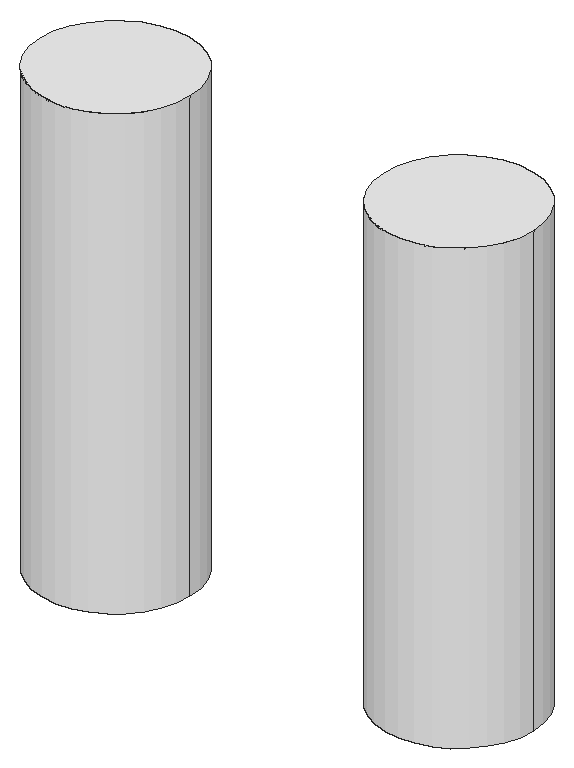
Revit family "51832293(2020)", category Plumbing Fixtures, Revit 2020
Family settings
  Round Connector Dimension = Use Diameter
  Part Type = Normal
  OmniClass Number = 23.45.55.00
  OmniClass Title = Sanitary Faucets, Wastes
  Work Plane-Based = No
  Always vertical = Yes
  Cut with Voids When Loaded = No
  Shared = No
  Room Calculation Point = No
Parameters (values of type "51832293 Washbasin faucet")
  Working Pressure = "50 - 1000 kPa"
  WarrantyStartDate [instance] = "n/a"
  WarrantyGuarantorParts = "n/a"
  WarrantyGuarantorLabor = "n/a"
  WarrantyDurationUnit = "Year"
  WarrantyDurationParts = "n/a"
  WarrantyDurationLabor = "n/a"
  WarrantyDescription = "http://warranty.hansa.com"
  Warranty Information URL = "http://warranty.hansa.com"
  VersionDate = "01/06/2023"
  Version = "1"
  ValvePattern = "n/a"
  ValveOperation = "n/a"
  ValveMechanism = "n/a"
  Uniclass2015Reference = "Pr_40_20_87_96"
  Uniclass2015Description = "Washbasin manual water supply sets"
  Uniclass2 = "Pr_40_30_96_96"
  URL UWL = "http://static.hansa.com/UWL/51832293"
  URL REACH = "http://static.hansa.com/doc/reach"
  URL Materials Declaration = "http://www.hansa.com/fileadmin/resources/182899_51832293_materialsdeclaration.pdf"
  URL Environmental Product Declaration EPD = "http://www.hansa.com/fileadmin/resources/184523_EPD_Washbasin faucet.pdf"
  URL EcoLabel Declaration = "http://static.hansa.com/doc/EcoLabel"
  URL EU Packaging Declaration = "http://static.hansa.com/doc/packaging"
  URL Declaration of SCIP = "http://static.hansa.com/doc/SCIP"
  URL Declaration of Conformity = "http://static.hansa.com/DoC/51832293"
  URL Declaration of Asbestos = "http://static.hansa.com/doc/asbestos"
  URL Declaration Of Performance (DOP) = "http://static.hansa.com/doc/DoP"
  URL DVGW = "http://static.hansa.com/DVGW/51832293"
  URL = ""
  UNSPSC Class Number = "30181700 Faucets or taps"
  TestPressure = "n/a"
  Technical DataSheet URL = "http://www.hansa.com/datasheet/51832293/en"
  TagNumber [instance] = "n/a"
  SustainabilityPerformance = "n/a"
  Surface treatment = "Chrome"
  Spout Type = "Fixed spout"
  Spout Projection = "125 mm"
  Spare-Part Information URL = "http://static.hansa.com/sp/51832293"
  Size = "50x178x198 mm"
  Shape = "Sculptured"
  SerialNumber [instance] = "n/a"
  Sales Package dimensions (LxWxH) = "380 x 180 x 74"
  Revision = "n/a"
  ReplacementCost = "n/a"
  ProductInformation = "Kitchen faucet with high spout."
  Product URL = "http://static.hansa.com/51832293"
  Product Image URL = "http://static.hansa.com/image/51832293"
  Product Family = "HANSADESIGNO Style "
  Product Code = "51832293"
  OperatingMechanismMaterial = "n/a"
  NominalWidth = 50 mm
  NominalHeight = 197.85 mm
  NominalDepth = 177.5 mm
  Noise Class = "I (ISO 3822)"
  Name_en = "51832293 Washbasin faucet"
  Name = "51832293 Washbasin faucet"
  NBSReference = "45-35-70/371"
  NBSDescription = "Water supply fittings for wash basins and troughs"
  Mounting Holes = "1 hole"
  ModelReference = "51832293"
  ModelNumber = "n/a"
  Model = "51832293 Washbasin faucet"
  Mobile Product Information URL = "http://mpi.hansa.com/51832293"
  Mechanical Parts = "ø 25 mm ceramic cartridge for flow and temperature control"
  Max. Hot Water Supply = 70 °C
  Material = "Brass"
  Market = "International;Germany;Austria;Belgium;Netherlands;France;Czech Republic;Slovakia;Italy;Spain"
  ManufacturerURL = "http://www.hansa.com"
  ManufacturerName = "HANSA"
  Manufacturer = "HANSA"
  Lever Handle = "Single operating lever/handle;Hot/Cold symbols"
  Keynote = ""
  Interactive AR View URL = "https://static.hansa.com/AR/51832293"
  InstallationDate [instance] = "n/a"
  Installation and Maintenance Guide URL = "http://static.hansa.com/manual/51832293"
  Installation Type = "Deck mounted"
  InletConnectionSize = 10 mm
  IfcExportType = "FAUCET"  # constant formula
  IfcExportAs = "IfcValveType"  # constant formula
  Group = "Washbasin faucet"
  Grade = "n/a"
  FlowCoefficient = 0
  Flow Rate At 300kPa With Flow Controller = 0.1 L/s
  Flow Drawing URL = "http://static.hansa.com/flowchart/51832293"
  Finish = "Polished"
  Features = "Single-lever"
  FaucetMainMaterial = Brass
  FDV Document URL = "http://www.hansa.com/datasheet/51832293/en/fdv"
  Extensions = "Pop-up waste with draw-rod"
  ExpectedLife = "n/a"
  ETIM Class Number = "EC011328 Washbasin mixing tap"
  EN Standard = "EN 817"
  EAN Number = "4057304015106"
  DurationUnit = "Year"
  Dimension Drawing URL = "http://static.hansa.com/dimdrw/51832293"
  Description = ""
  DefaultElevation [instance] = 900 mm
  Default Elevation = 0 mm
  Constituents = "n/a"
  Connection Size = "G3/8"
  Connection = "Flexible inlet pipes"
  Color = "Chrome"
  CodePerformance = "n/a"
  CloseOffRating = 0
  Category = "Washbasin"
  Catalog Drawing URL = "http://static.hansa.com/catdrw/51832293"
  CO2 Emissions (D) = -7.7
  CO2 Emissions (C4) = 0.08
  CO2 Emissions (C3) = 0.02
  CO2 Emissions (C2) = 0.02
  CO2 Emissions (B7) = 1854
  CO2 Emissions (A4) = 0.3
  CO2 Emissions (A1-A3) = 10.82
  Brand = "HANSA"
  BodyMaterial = "Brass"
  Barcode [instance] = "n/a"
  Backflow Prevention EN1717 = "AA"
  BIMObjectName = "51832293(2020)"
  Author = "BIMStone"
  AssetType = "Fixed"
  AssetIdentifier [instance] = "n/a"
  Approval DVGW = "DW-6506DL0547"
  Ambience photo = "http://static.hansa.com/ambience/51832293"
  Aerator = "PCA® - constant flow rate regardless of pressure variations"
  Advanced Features = "Inner body made of DZR brass"
  AccessibilityPerformance = "n/a"
  3D View = "https://static.hansa.com/AR/51832293"
  2D/3D/BIM Files URL = "http://static.hansa.com/bim/51832293"
Reference planes
  plane 1 "Center (Front/Back)": y = 0
  plane 2: z = 0
  plane 3 "Center (Left/Right)": x = 0
  plane 4: x = -25
  plane 5: z = 900
  plane 6: z = 870
  plane 7: y = -177.5
  plane 8: x = 25
  plane 9: z = 1097.85
Forms (mm)
  Extrusion 1, solid, material "Brass" <- "FaucetMainMaterial"
    sketch origin (0, -16.366, 0) x (1, 0, 0) y (0, 1, 0)
      loop
        circle (-11.5, -22.5) r 5
      loop
        circle (11.5, -22.5) r 5
    from 870 to 900
Dimensions and locks
  "DefaultElevation": plane 5 to level
  locked: plane 5 to plane 6 at 30
  equal spacing: plane 4, plane 3 "Center (Left/Right)", plane 8
  "NominalWidth": plane 4 to plane 8
  "NominalHeight": plane 9 to plane 5
  "NominalDepth": plane 7 to plane 1 "Center (Front/Back)"
  "InletConnectionSize": diameter of Extrusion 1 sketch curve  (x2)
  aligned and locked: level to plane 2
  aligned and locked: plane 5 to Extrusion 1
  aligned and locked: Extrusion 1 to plane 6
  aligned and locked: plane 7 to nested 2
Automatic sketch dimensions
  Extrusion 1 sketch curve to plane 3 "Center (Left/Right)" = 11.5 mm
  plane 3 "Center (Left/Right)" to Extrusion 1 sketch curve = 11.5 mm
  plane 1 "Center (Front/Back)" to Extrusion 1 sketch curve = 38.866 mm  (x2)
Nested families
  nested 1: "Symbol" at (0, 0, 0), type "Symbol", detail levels coarse
  nested 2: "51832293(2020)_p" at (0, 0, 900), Material 1 <- "FaucetMainMaterial", type "51832293(2020)_p"
    with Material 1 Brass
Connectors
  piping at (-11.5, -38.866, 870), diameter 10, driven by "InletConnectionSize"
    settings: on Extrusion 1, index 1, connector inside diameter 609.6 mm, connector length 0 mm, flow factor 0, pipe flow 0.0 L/s, pressure drop 0.0 Pa, fitting loss kfactor 0, connector angle 0.00°, fixture units 0, engagement length 0 mm, angle of deflection 0.00°, flow configuration 1, flow direction 1, fitting loss method 0, system type 19, joint type 0, gender type 0, connector reference index -1, connector utility 0, adjustable connector no, is connector primary yes, connector description ""
  piping at (11.5, -38.866, 870), diameter 10, driven by "InletConnectionSize"
    settings: on Extrusion 1, index 2, connector inside diameter 609.6 mm, connector length 0 mm, flow factor 0, pipe flow 0.0 L/s, pressure drop 0.0 Pa, fitting loss kfactor 0, connector angle 0.00°, fixture units 0, engagement length 0 mm, angle of deflection 0.00°, flow configuration 1, flow direction 1, fitting loss method 0, system type 20, joint type 0, gender type 0, connector reference index -1, connector utility 0, adjustable connector no, is connector primary no, connector description ""
Definition of nested family "Symbol"
  Reference planes
    plane 1: y = 0
    plane 2: x = 0
  Lines and regions (mm)
    detail lines
      curve 1: line (0, 0, 0) -> (0, -1.8, 0)
      curve 2: line (-0.4, -1.1, 0) -> (0.4, -1.1, 0)
      curve 3: line (-0.4, -1.4, 0) -> (0.4, -1.4, 0)
      curve 4: line (0.863, 0, 0) -> (-0.863, 0, 0)
      curve 5: circle (-1.163, 0, 0) r 0.3 normal (0, 0, -1)
      curve 6: circle (1.163, 0, 0) r 0.3 normal (0, 0, 1)
Definition of nested family "51832293(2020)_p"
  Parameters (values of type "51832293(2020)_p")
    Material 1 [instance] = none
    Default Elevation = 0 mm
  Reference planes
    plane 1 "Center (Front/Back)": y = 0
    plane 2: z = 0
    plane 3 "Center (Left/Right)": x = 0
  Forms (mm)
    Revolve 1, solid, material <- "Material 1", detail levels coarse+medium
      sketch origin (0, 0, 0) x (0, 1, 0) y (0, 0, 1)
        loop
          line (-37.5, 5) -> (-37.5, 0) -> (-12.5, 0) -> (-12.5, 5) -> (-17.5, 5) -> (-17.5, 197.85) -> (-37.5, 197.85) -> (-37.5, 5)
        axis (-37.5, 197.85) -> (-37.5, 0)
      angle from 0 to 360
    Extrusion 2, solid, material <- "Material 1", detail levels coarse+medium
      sketch origin (0, 0, 0) x (1, 0, 0) y (0, 0, 1)
        loop
          line (10, 197.85) -> (-10, 197.85) -> (-10, 189.55) -> (10, 189.55) -> (10, 197.85)
      from 50.634 to 122.631
    Extrusion 3, solid, material <- "Material 1", detail levels coarse+medium
      sketch origin (0, 0, 0) x (1, 0, 0) y (0, 0, 1)
        loop
          circle (0, 137.837) r 12.396
      from 45.274 to 177.5
    Revolve 4, solid, material <- "Material 1", detail levels coarse+medium
      sketch origin (0, 0, 0) x (0, 1, 0) y (0, 0, 1)
        loop
          line (-162.406, 123.03) -> (-160.739, 132.485) -> (-170.845, 134.266) -> (-172.512, 124.812) -> (-162.406, 123.03)
        axis (-162.406, 123.03) -> (-160.739, 132.485)
      angle from 0 to 360
    Extrusion 5, solid, material <- "Material 1", detail levels coarse+medium
      sketch origin (0, 0, 0) x (1, 0, 0) y (0, 0, 1)
        loop
          circle (0, 39.562) r 3
      from 0 to 28
    Extrusion 6, solid, material <- "Material 1", detail levels coarse
      sketch origin (0, 0, 0) x (1, 0, 0) y (0, 1, 0)
        loop
          line (-25, 0) -> (-25, -177.5) -> (24.998, -177.5) -> (24.998, 0) -> (-25, 0)
      from 0 to 197.85
  Cuts and joins
    joined: Revolve 1, Extrusion 2, Extrusion 3, Revolve 4, Extrusion 5
  Lines and regions (mm)
    symbolic lines, detail levels medium+fine
      curve 1: line (0, -120.375, 197.85) -> (0, -19.133, 197.85)
      curve 2: arc (0, -19.133, 197.85) -> (0, -17.728, 197.268) -> (0, -17.146, 195.863) r 1.987
      curve 3: line (0, -17.146, 195.863) -> (0, -17.146, 182.68)
      curve 4: line (0, -17.146, 182.68) -> (0, -18.428, 182.68)
      curve 5: line (0, -17.229, 179.843) -> (0, -17.229, 42.561)
      curve 6: line (0, -17.229, 5) -> (0, -12.5, 5)
      curve 7: line (0, -12.5, 5) -> (0, -12.5, 0)
      curve 8: line (0, -12.5, 0) -> (0, -62.5, 0)
      curve 9: line (0, -62.5, 0) -> (0, -62.5, 5)
      curve 10: line (0, -62.5, 5) -> (0, -57.75, 5)
      curve 11: line (0, -57.75, 5) -> (0, -57.75, 119.214)
      curve 12: arc (0, -57.75, 119.214) -> (0, -59.45, 123.317) -> (0, -63.553, 125.017) r 5.803
      curve 13: line (0, -63.553, 125.017) -> (0, -151.658, 125.017)
      curve 14: line (0, -177.499, 128.036) -> (0, -177.499, 147.262)
      curve 15: arc (0, -174.492, 125.017) -> (0, -176.619, 125.905) -> (0, -177.499, 128.036) r 3.019
      curve 16: line (0, -63.75, 150.002) -> (0, -174.462, 150.002)
      curve 17: arc (0, -174.462, 150.002) -> (0, -176.507, 149.216) -> (0, -177.499, 147.262) r 3.053
      curve 18: arc (0, -57.723, 156.029) -> (0, -59.488, 151.767) -> (0, -63.75, 150.002) r 6.027
      curve 19: line (0, -57.723, 156.029) -> (0, -57.723, 179.843)
      curve 20: arc (0, -57.723, 179.843) -> (0, -57.251, 181.302) -> (0, -56.577, 182.68) r 10.788
      curve 21: line (0, -56.577, 182.68) -> (0, -57.417, 182.68)
      curve 22: arc (0, -57.417, 182.68) -> (0, -57.579, 182.747) -> (0, -57.646, 182.908) r 0.229
      curve 23: line (0, -57.646, 182.908) -> (0, -57.646, 185.58)
      curve 24: arc (0, -57.646, 185.58) -> (0, -58.804, 188.376) -> (0, -61.601, 189.534) r 3.955
      curve 25: line (0, -61.601, 189.534) -> (0, -116.601, 189.534)
      curve 26: arc (0, -116.601, 189.534) -> (0, -120.705, 191.234) -> (0, -122.404, 195.338) r 5.804
      curve 27: arc (0, -122.404, 195.338) -> (0, -121.834, 196.953) -> (0, -120.375, 197.85) r 2.569
      curve 30: arc (0, -18.428, 182.68) -> (0, -17.771, 181.285) -> (0, -17.229, 179.843) r 19.061
      curve 33: line (0, -152.509, 121.285) -> (0, -172.304, 124.776)
      curve 34: arc (0, -172.304, 124.776) -> (0, -172.439, 124.861) -> (0, -172.474, 125.017) r 0.209
      curve 35: arc (0, -152.289, 121.44) -> (0, -152.367, 121.317) -> (0, -152.509, 121.285) r 0.19
      curve 36: line (0, -152.289, 121.44) -> (0, -151.658, 125.017)
      curve 38: line (0, -172.474, 125.017) -> (0, -174.492, 125.017)
      curve 39: line (0, 0, 42.561) -> (0, -17.229, 42.561)
      curve 40: line (0, 0, 42.561) -> (0, 0, 36.542)
      curve 41: line (0, 0, 36.542) -> (0, -17.229, 36.542)
      curve 43: line (0, -17.229, 36.542) -> (0, -17.229, 5)
      curve 45: line (-20.25, 0, 5) -> (-25, 0, 5)
      curve 46: line (0, 0, 0) -> (-25, 0, 0)
      curve 47: line (-25, 0, 0) -> (-25, 0, 5)
      curve 48: line (-20.25, 0, 5) -> (-20.25, 0, 179.79)
      curve 49: arc (-20.25, 0, 179.79) -> (-20.192, 0, 179.935) -> (-20.05, 0, 180) r 0.211
      curve 50: line (-20.03, 0, 182.68) -> (-19.074, 0, 182.68)
      curve 51: arc (-19.074, 0, 182.68) -> (-19.633, 0, 181.49) -> (-20.132, 0, 180.274) r 25.817
      curve 52: arc (-20.132, 0, 180.274) -> (-20.137, 0, 180.123) -> (-20.05, 0, 180) r 0.235
      curve 55: arc (-20.232, 0, 182.882) -> (-20.173, 0, 182.739) -> (-20.03, 0, 182.68) r 0.202
      curve 56: line (-20.232, 0, 182.882) -> (-20.232, 0, 195.858)
      curve 57: arc (-20.232, 0, 195.858) -> (-19.645, 0, 197.27) -> (-18.23, 0, 197.85) r 1.992
      curve 58: line (-18.23, 0, 197.85) -> (0, 0, 197.85)
      curve 67: line (20.25, 0, 5) -> (25, 0, 5)
      curve 68: line (0, 0, 0) -> (25, 0, 0)
      curve 69: line (25, 0, 0) -> (25, 0, 5)
      curve 70: line (20.25, 0, 5) -> (20.25, 0, 179.79)
      curve 71: line (20.03, 0, 182.68) -> (19.074, 0, 182.68)
      curve 72: arc (19.074, 0, 182.68) -> (19.633, 0, 181.49) -> (20.132, 0, 180.274) r 25.817
      curve 75: line (20.232, 0, 182.882) -> (20.232, 0, 195.858)
      curve 76: arc (20.232, 0, 195.858) -> (19.645, 0, 197.27) -> (18.23, 0, 197.85) r 1.992
      curve 77: line (18.23, 0, 197.85) -> (0, 0, 197.85)
      curve 84: arc (20.232, 0, 182.882) -> (20.173, 0, 182.739) -> (20.03, 0, 182.68) r 0.202
      curve 85: arc (20.132, 0, 180.274) -> (20.137, 0, 180.123) -> (20.05, 0, 180) r 0.235
      curve 86: arc (20.25, 0, 179.79) -> (20.192, 0, 179.935) -> (20.05, 0, 180) r 0.211
      curve 89: line (-9.5, -177.5, 0) -> (9.5, -177.5, 0)
      curve 90: arc (9.5, -177.5, 0) -> (11.673, -176.6, 0) -> (12.573, -174.427, 0) r 3.073
      curve 91: line (12.573, -174.427, 0) -> (12.573, -59.108, 0)
      curve 92: arc (-9.5, -177.5, 0) -> (-11.673, -176.6, 0) -> (-12.573, -174.427, 0) r 3.073
      curve 93: line (-12.573, -174.427, 0) -> (-12.573, -59.108, 0)
      curve 103: arc (12.573, -59.108, 0) -> (24.486, -32.456, 0) -> (3.01, -12.682, 0) r 25
      curve 105: line (-3.01, -12.682, 0) -> (-3.01, 0, 0)
      curve 106: line (-3.01, 0, 0) -> (0, 0, 0)
      curve 107: line (3.01, -12.682, 0) -> (3.01, 0, 0)
      curve 108: line (3.01, 0, 0) -> (0, 0, 0)
      curve 109: arc (-3.01, -12.682, 0) -> (-24.486, -32.456, 0) -> (-12.573, -59.108, 0) r 25
    symbolic lines, detail levels fine
      curve 28: line (0, -18.428, 182.68) -> (0, -56.577, 182.68)
      curve 29: line (0, -57.723, 179.843) -> (0, -17.229, 179.843)
      curve 31: arc (0, -57.723, 156.029) -> (0, -51.097, 137.505) -> (0, -57.75, 118.991) r 29.148
      curve 32: line (0, -17.229, 5) -> (0, -57.75, 5)
      curve 37: line (0, -151.658, 125.017) -> (0, -172.474, 125.017)
      curve 42: line (0, -17.229, 42.561) -> (0, -17.229, 36.542)
      curve 44: line (-20.25, 0, 5) -> (0, 0, 5)
      curve 53: line (-19.074, 0, 182.68) -> (0, 0, 182.68)
      curve 54: line (-20.05, 0, 180) -> (0, 0, 180)
      curve 59: arc (-6.492, 0, 197.85) -> (-7.904, 0, 197.265) -> (-8.489, 0, 195.853) r 1.997
      curve 60: arc (-8.489, 0, 195.853) -> (-7.03, 0, 191.234) -> (-2.487, 0, 189.55) r 5.513
      curve 61: line (-2.487, 0, 189.55) -> (0, 0, 189.55)
      curve 62: spline (0, 0, 154.609) -> (-3.882, 0, 153.986) -> (-7.5, 0, 152.159) -> (-10.607, 0, 149.253) -> (-12.99, 0, 145.466) -> (-14.489, 0, 141.055) -> (-15, 0, 136.322) -> (-14.489, 0, 131.589) -> (-12.99, 0, 127.179) -> (-10.607, 0, 123.391) -> (-7.5, 0, 120.485) -> (-3.882, 0, 118.658) -> (0, 0, 118.035)
      curve 63: circle (0, 0, 137.581) r 12.471 normal (0, -1, 0)
      curve 64: circle (0, 0, 137.581) r 10 normal (0, -1, 0)
      curve 65: spline (-10.319, 0, 123.189) -> (-9.967, 0, 123.646) -> (-8.936, 0, 124.072) -> (-7.297, 0, 124.437) -> (-5.159, 0, 124.718) -> (-2.671, 0, 124.894) -> (0, 0, 124.954) -> (2.671, 0, 124.894) -> (5.159, 0, 124.718) -> (7.297, 0, 124.437) -> (8.936, 0, 124.072) -> (9.967, 0, 123.646) -> (10.319, 0, 123.189) -> (9.967, 0, 122.732) -> (8.936, 0, 122.307) -> (7.297, 0, 121.941) -> (5.159, 0, 121.661) -> (2.671, 0, 121.484) -> (0, 0, 121.424) -> (-2.671, 0, 121.484) -> (-5.159, 0, 121.661) -> (-7.297, 0, 121.941) -> (-8.936, 0, 122.307) -> (-9.967, 0, 122.732) -> (-10.319, 0, 123.189)
      curve 66: line (20.25, 0, 5) -> (0, 0, 5)
      curve 73: line (19.074, 0, 182.68) -> (0, 0, 182.68)
      curve 74: line (20.05, 0, 180) -> (0, 0, 180)
      curve 78: arc (6.492, 0, 197.85) -> (7.904, 0, 197.265) -> (8.489, 0, 195.853) r 1.997
      curve 79: arc (8.489, 0, 195.853) -> (7.03, 0, 191.234) -> (2.487, 0, 189.55) r 5.513
      curve 80: line (2.487, 0, 189.55) -> (0, 0, 189.55)
      curve 81: spline (0, 0, 154.609) -> (3.882, 0, 153.986) -> (7.5, 0, 152.159) -> (10.607, 0, 149.253) -> (12.99, 0, 145.466) -> (14.489, 0, 141.055) -> (15, 0, 136.322) -> (14.489, 0, 131.589) -> (12.99, 0, 127.179) -> (10.607, 0, 123.391) -> (7.5, 0, 120.485) -> (3.882, 0, 118.658) -> (0, 0, 118.035)
      curve 82: circle (0, 0, 137.581) r 10 normal (0, 1, 0)
      curve 83: spline (10.319, 0, 123.189) -> (9.967, 0, 123.646) -> (8.936, 0, 124.072) -> (7.297, 0, 124.437) -> (5.159, 0, 124.718) -> (2.671, 0, 124.894) -> (0, 0, 124.954) -> (-2.671, 0, 124.894) -> (-5.159, 0, 124.718) -> (-7.297, 0, 124.437) -> (-8.936, 0, 124.072) -> (-9.967, 0, 123.646) -> (-10.319, 0, 123.189) -> (-9.967, 0, 122.732) -> (-8.936, 0, 122.307) -> (-7.297, 0, 121.941) -> (-5.159, 0, 121.661) -> (-2.671, 0, 121.484) -> (0, 0, 121.424) -> (2.671, 0, 121.484) -> (5.159, 0, 121.661) -> (7.297, 0, 121.941) -> (8.936, 0, 122.307) -> (9.967, 0, 122.732) -> (10.319, 0, 123.189)
      curve 87: line (10.319, 0, 123.189) -> (10.319, 0, 130.578)
      curve 88: line (-10.319, 0, 123.189) -> (-10.319, 0, 130.578)
      curve 94: line (-8.487, -58.146, 0) -> (-8.487, -61.015, 0)
      curve 95: line (8.513, -58.595, 0) -> (8.513, -61.006, 0)
      curve 96: arc (-8.487, -113.875, 0) -> (0.013, -122.375, 0) -> (8.513, -113.875, 0) r 8.5
      curve 97: line (-8.487, -61.015, 0) -> (-8.487, -113.875, 0)
      curve 98: line (8.513, -61.006, 0) -> (8.513, -113.875, 0)
      curve 99: arc (8.513, -61.006, 0) -> (10.585, -60.148, 0) -> (12.573, -59.108, 0) r 25
      curve 100: arc (-10.376, -54.721, 0) -> (-8.991, -56.19, 0) -> (-8.487, -58.146, 0) r 4.051
      curve 101: arc (10.376, -54.721, 0) -> (8.888, -56.391, 0) -> (8.513, -58.595, 0) r 4.051
      curve 102: arc (10.376, -54.721, 0) -> (0, -18.859, 0) -> (-10.376, -54.721, 0) r 19.432
      curve 104: arc (-12.573, -59.108, 0) -> (-10.573, -60.154, 0) -> (-8.487, -61.015, 0) r 25
      curve 110: arc (3.01, -12.682, 0) -> (0, -12.5, 0) -> (-3.01, -12.682, 0) r 25
  Dimensions and locks
    aligned and locked: level to plane 2
